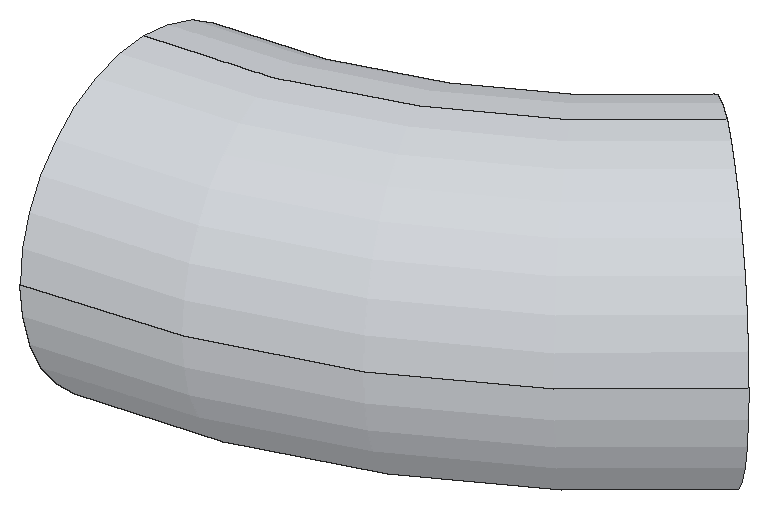
Revit family "220165d18921477cb30db7fe6387026b", category Duct Fittings, Revit 2021
Family settings
  Round Connector Dimension = Use Radius
  Part Type = Elbow
  OmniClass Number = 23.75.70.14
  OmniClass Title = Air Ductwork
  Seek Item ID = Round Elbow-0000-USA-ENU
  Work Plane-Based = No
  Always vertical = Yes
  Cut with Voids When Loaded = No
  Shared = No
Parameters (values of type "2 D")
  Radius Multiplier = 2
  Duct Radius [instance] = 6"
  Length1 [instance] = Center Radius * tan(Angle / 2)  # 9.94113"
  Default Elevation = 0' - 0"
  Center Radius [instance] = Radius Multiplier * Duct Radius * 2  # 24"
  Assembly Code = ""
  Angle [instance] = 45.00°
Types (3): name | Radius Multiplier | Length1 | Center Radius
  1.5 D | 1.5 | 7.45584" | 18"
  1 D | 1 | 4.97056" | 12"
  2 D | 2 | 9.94113" | 24"
Reference planes (in)
  plane 1 "Center (Front/Back)": y = 0
  plane 2: z = 0
  plane 3 "Center (Left/Right)": x = 0
  plane 4: y = 24
  plane 5: x = -9.94113
Forms (in)
  Sweep 1, solid, detail levels medium+fine
    path in 3D
      loop
        arc (-9.94113, 0, 0) -> (-0.75672, 1.82689, 0) -> (7.02944, 7.02944, 0) r 24
    profile "Duct - Round : Duct - Round" origin (-0.75672, 1.82689, 0) x (-0.382683, 0.92388, 0) y (0, 0, 1)
      loop
        arc (-6, 0) -> (-4.24264, -4.24264) -> (0, -6) r 6
        arc (0, -6) -> (4.24264, -4.24264) -> (6, 0) r 6
        arc (6, 0) -> (4.24264, 4.24264) -> (0, 6) r 6
        arc (0, 6) -> (-4.24264, 4.24264) -> (-6, 0) r 6
Lines and regions (in)
  reference lines
    curve 1: line (-9.94113, 0, 0) -> (0, 0, 0)
    curve 2: line (0, 0, 0) -> (7.02944, 7.02944, 0)
    curve 3: arc (-9.94113, 0, 0) -> (-0.75672, 1.82689, 0) -> (7.02944, 7.02944, 0) r 24
    curve 4: line (-9.94113, 24, 0) -> (7.02944, 7.02944, 0)
    curve 7: line (-9.94113, 24, 0) -> (-9.94113, 0, 0)
  sketch lines
    curve 5: arc (-9.94113, 0, 0) -> (-0.75672, 1.82689, 0) -> (7.02944, 7.02944, 0) r 24
  model lines, style "DuctFitting", detail levels coarse
    curve 6: arc (-9.94113, 0, 0) -> (-0.75672, 1.82689, 0) -> (7.02944, 7.02944, 0) r 24
Dimensions and locks (in)
  "Length1": plane 5 to plane 3 "Center (Left/Right)"
  "Center Radius": plane 1 "Center (Front/Back)" to plane 4
  "Angle": angle curve 6 to curve 6
  "Angle": angle curve 7 to curve 4
  aligned and locked: plane 1 "Center (Front/Back)" to curve 1
  aligned and locked: plane 3 "Center (Left/Right)" to curve 1
  aligned and locked: plane 5 to curve 1
  aligned and locked: plane 4 to curve 3
  aligned and locked: plane 5 to curve 3
  aligned and locked: curve 6 to curve 3
  aligned and locked: plane 5 to curve 6
  aligned and locked: curve 7 to plane 5
Automatic sketch dimensions
  curve 4 to plane 4 = 0' - 0"
Connectors (in)
  hvac at (-9.94113, 0, 0), driven by "Angle", driven by "Duct Radius"
    settings: on Sweep 1, index 1, duct flow 0 CFM, flow factor 0, pres drop 0.00 in-wg, loss coef 0, conn angle 45.00°, conn width 12", conn height 12", conn diameter 12", duct sys type 28, conn prof type 0, flow config 0, flow direction 0, loss method 0, conn ref index 2, conn util no, is conn primary yes, conn desc ""
  hvac at (7.02944, 7.02944, 0), driven by "Angle", driven by "Duct Radius"
    settings: on Sweep 1, index 2, duct flow 0 CFM, flow factor 0, pres drop 0.00 in-wg, loss coef 0, conn angle 45.00°, conn width 12", conn height 12", conn diameter 12", duct sys type 28, conn prof type 0, flow config 0, flow direction 0, loss method 0, conn ref index 1, conn util no, is conn primary no, conn desc ""
